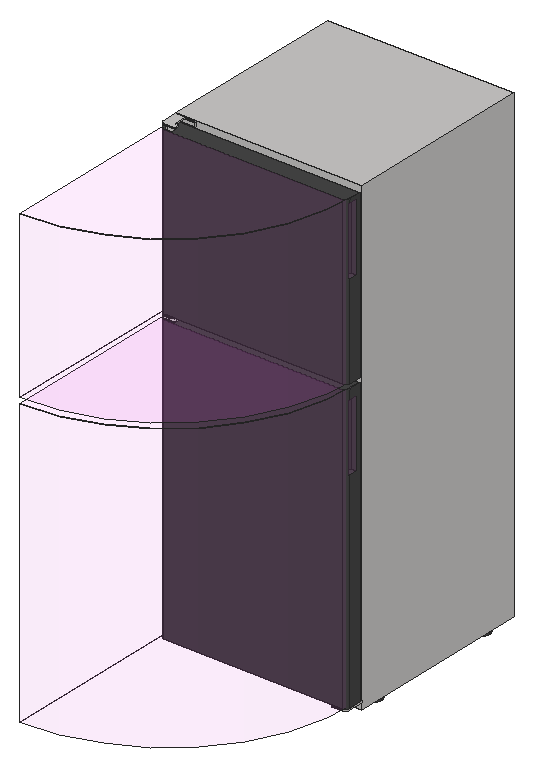
Revit family "QF_Summit_FF1087B_Frost_Free_Refrigerator_Freezer", category Specialty Equipment, Revit 2020
Family settings
  Round Connector Dimension = Use Diameter
  Part Type = Normal
  Work Plane-Based = No
  Always vertical = Yes
  Cut with Voids When Loaded = No
  Shared = No
  Room Calculation Point = No
Parameters
  Weight in Pounds = 117
  Watts = Volts * FL Amps  # 172.5 W
  Volts = 115 V
  URL Cutsheet = ""
  Specification by User = ""
  Specification by Manufacturer = ""
  Show RHD [instance] = not(Show LHD)  # yes
  Show LHD [instance] = no
  Show Clearance [instance] = yes
  Serial Number = ""
  Seismic Rating = ""
  SMACNA No = ""
  Revision Code = ""
  Refrigerant Volume = 0.00 kip
  Refrigerant Type = "R600a"
  Phase = 1
  Number of Poles = 1
  NAFEM Spec ID Number = ""
  Model = "FF1087B"
  Min Ckt Ampacity = 0 A
  Max Overcurrent Protection = 0 A
  Masterspec = ""
  Manufacturer = "Summit"
  Length = 23 1/4"
  Item Number = ""
  Installed By = ""
  Identify Quantity as Lot = yes
  Height = 59 5/8"
  HP = ""
  Furnished By = ""
  Foodservice Equipment Identifier = yes
  FL Amps = 1.5 A
  Electrical Remarks = ""
  Electric Connection Type = ""
  Elec Conn RI Height = 0"
  Elec Conn Connection Height = 0"
  Description = "Frost Free Refrigerator Freezer"
  Depth = 26 1/2"
  Default Elevation = 0"
  Cycle = 60 Hz
  Conn Plug = ""
  Conn Conduit = yes
  CSI MasterFormat = ""
  BTUH = 0.0 Btu/h
  Apparent Power = 0 VA
Reference planes (in)
  plane 1 "BACK": y = 0
  plane 2: z = 0
  plane 3 "LEFT": x = 0
  plane 4 "RIGHT": x = 23.25
  plane 5 "FRONT": y = -26.5
  plane 6 "TOP": z = 59.625
  plane 7 "Center Y": x = 11.625
  plane 8 "Center X": y = -13.25
Dimensions and locks (in)
  equal spacing: plane 3 "LEFT", plane 7 "Center Y", plane 4 "RIGHT"
  "Length": plane 3 "LEFT" to plane 4 "RIGHT"
  equal spacing: plane 5 "FRONT", plane 8 "Center X", plane 1 "BACK"
  "Depth": plane 5 "FRONT" to plane 1 "BACK"
  "Height": plane 6 "TOP" to level
  aligned and locked: level to plane 2
Nested families (in)
  nested 1: "FF1087B" at (0, 0, 0), Show Clearance <- "Show Clearance", Show LHD <- "Show LHD", Show RHD <- "Show RHD", type "FF1087B"
    with Show RHD yes, Show LHD no, Show Clearance yes
Connectors (in)
  electrical at (19.5385, 0.03125, 2.88959), driven by "Volts", driven by "Watts"
    settings: on nested 1, index 1, voltage 115 V, apparent load 172.5 VA, apparent load phase1 0 VA, apparent load phase2 0 VA, apparent load phase3 0 VA, power factor 1, load classification "Other", number of poles 1, system type 30, power factor state 1, is connector primary yes, connector utility no, sub classification motor no, connector description "ELECTRICAL CONNECTION"
Definition of nested family "FF1087B"
  Parameters (values of type "FF1087B")
    Weight in Pounds = 0
    URL Cutsheet = ""
    Specification by User = ""
    Specification by Manufacturer = ""
    Show RHD [instance] = yes
    Show LHD [instance] = yes
    Show Clearance [instance] = yes
    Serial Number = ""
    Seismic Rating = ""
    SMACNA No = ""
    Revision Code = ""
    NAFEM Spec ID Number = ""
    Masterspec = ""
    Length = 23 1/4"
    Item Number = ""
    Installed By = ""
    Identify Quantity as Lot = yes
    Height = 59 5/8"
    Furnished By = ""
    Foodservice Equipment Identifier = yes
    Depth = 26 1/2"
    Default Elevation = 0"
    CSI MasterFormat = ""
  Reference planes (in)
    plane 1 "BACK": y = 0
    plane 2: z = 0
    plane 3 "LEFT": x = 0
    plane 4 "RIGHT": x = 23.25
    plane 5 "FRONT": y = -26.5
    plane 6 "TOP": z = 59.625
    plane 7 "Center Y": x = 11.625
    plane 8 "Center X": y = -13.25
    plane 9: z = 1
    plane 10: y = -48
  Forms (in)
    Extrusion 1, solid
      sketch origin (-7.61333, -180, 1) x (-1, 0, 0) y (0, -1, 0)
        loop
          line (-7.61333, -180) -> (-7.61333, -156.375) -> (-30.86333, -156.375) -> (-30.86333, -180) -> (-7.61333, -180)
      from 0 to 58.625
    Extrusion 2, solid
      sketch origin (-7.61333, -180, 59) x (-1, 0, 0) y (0, -1, 0)
        loop
          line (-7.61333, -155.93028) -> (-7.61333, -154.39525)
          arc (-7.61333, -154.39525) -> (-7.74743, -154.05448) -> (-8.07781, -153.89651) r 0.5
          arc (-8.07781, -153.89651) -> (-19.23833, -153.49958) -> (-30.39885, -153.89651) r 157.10016
          arc (-30.39885, -153.89651) -> (-30.72922, -154.05448) -> (-30.86333, -154.39525) r 0.5
          line (-30.86333, -154.39525) -> (-30.86333, -155.93028) -> (-7.61333, -155.93028)
      from 0 to -20.625
    Extrusion 3, solid
      sketch origin (-7.61333, -180, 37.75) x (-1, 0, 0) y (0, -1, 0)
        loop
          line (-7.61333, -155.93028) -> (-7.61333, -154.39525)
          arc (-7.61333, -154.39525) -> (-7.74743, -154.05448) -> (-8.07781, -153.89651) r 0.5
          arc (-8.07781, -153.89651) -> (-19.23833, -153.49958) -> (-30.39885, -153.89651) r 157.10016
          arc (-30.39885, -153.89651) -> (-30.72922, -154.05448) -> (-30.86333, -154.39525) r 0.5
          line (-30.86333, -154.39525) -> (-30.86333, -155.93028) -> (-7.61333, -155.93028)
      from 0 to -35.75
    Extrusion 4, solid
      sketch origin (-7.61333, -180, 59) x (-1, 0, 0) y (0, -1, 0)
        loop
          line (-30.74672, -156.375) -> (-7.74209, -156.375) -> (-7.74209, -155.93028) -> (-30.74672, -155.93028) -> (-30.74672, -156.375)
      from -0.24547 to -20.26909
    Extrusion 5, solid
      sketch origin (-7.61333, -180, 37.75) x (-1, 0, 0) y (0, -1, 0)
        loop
          line (-30.74672, -156.375) -> (-7.74209, -156.375) -> (-7.74209, -155.93028) -> (-30.74672, -155.93028) -> (-30.74672, -156.375)
      from -0.38759 to -35.3814
    Extrusion 6, solid, visible <- "Show LHD"
      sketch origin (-7.61333, -180, 59.625) x (-1, 0, 0) y (0, -1, 0)
        loop
          line (-29.60685, -156.21332) -> (-29.60685, -154.96332) -> (-29.07652, -154.43299) -> (-29.07652, -153.89651) -> (-30.39885, -153.89651)
          arc (-30.39885, -153.89651) -> (-30.72922, -154.05448) -> (-30.86333, -154.39525) r 0.5
          line (-30.86333, -154.39525) -> (-30.86333, -156.375) -> (-28.35685, -156.375) -> (-28.35685, -156.21332) -> (-29.60685, -156.21332)
      from 0 to -0.11515
    Extrusion 7, solid, visible <- "Show LHD"
      sketch origin (-7.61333, -180, 59.50985) x (0, -1, 0) y (-1, 0, 0)
        loop
          circle (-154.55995, -30.08212) r 0.5
      from 0 to 0.50985
    Extrusion 8, solid, visible <- "Show LHD"
      sketch origin (24.24916, -23.625, 1) x (-1, 0, 0) y (0, 0, -1)
        loop
          line (3.50564, -58.50985) -> (3.50564, -58) -> (0.99916, -58) -> (0.99916, -58.50985) -> (3.50564, -58.50985)
      from 0 to 0.16168
    Extrusion 9, solid, visible <- "Show LHD"
      sketch origin (-7.61333, -180, 38.375) x (0, -1, 0) y (-1, 0, 0)
        loop
          line (-156.21332, -29.60685) -> (-156.21332, -28.35685) -> (-156.375, -28.35685) -> (-156.375, -30.86333) -> (-154.39525, -30.86333)
          arc (-154.39525, -30.86333) -> (-154.05448, -30.72922) -> (-153.89651, -30.39885) r 0.5
          line (-153.89651, -30.39885) -> (-153.89651, -29.07652) -> (-154.43299, -29.07652) -> (-154.96332, -29.60685) -> (-156.21332, -29.60685)
      from 0 to 0.11328
    Extrusion 10, solid, visible <- "Show LHD"
      sketch origin (24.24916, -23.625, -20.13485) x (-1, 0, 0) y (0, 0, -1)
        loop
          line (3.50564, -58.50985) -> (3.50564, -58.19538) -> (0.99916, -58.19538) -> (0.99916, -58.50985) -> (3.50564, -58.50985)
      from 0 to 0.16168
    Extrusion 11, solid, visible <- "Show LHD"
      sketch origin (-7.61333, -180, 38.26172) x (1, 0, 0) y (0, -1, 0)
        loop
          circle (30.08212, -154.55995) r 0.5
      from 0 to 0.20119
    Extrusion 12, solid, visible <- "Show LHD"
      sketch origin (-7.61333, -180, 37.87144) x (1, 0, 0) y (0, 1, 0)
        loop
          line (29.60685, 156.21332) -> (29.60685, 154.96332) -> (29.07652, 154.43299) -> (29.07652, 153.89651) -> (30.39885, 153.89651)
          arc (30.39885, 153.89651) -> (30.72922, 154.05448) -> (30.86333, 154.39525) r 0.5
          line (30.86333, 154.39525) -> (30.86333, 156.375) -> (28.35685, 156.375) -> (28.35685, 156.21332) -> (29.60685, 156.21332)
      from 0 to 0.11328
    Extrusion 13, solid, visible <- "Show LHD"
      sketch origin (24.24916, -23.625, 96.25985) x (-1, 0, 0) y (0, 0, -1)
        loop
          line (3.50564, 58.50985) -> (0.99916, 58.50985) -> (0.99916, 58.38841) -> (3.50564, 58.38841) -> (3.50564, 58.50985)
      from 0 to 0.16168
    Extrusion 14, solid, visible <- "Show LHD"
      sketch origin (-7.61333, -180, 37.98472) x (0, 1, 0) y (1, 0, 0)
        loop
          circle (154.55995, 30.08212) r 0.5
      from 0.11328 to 0.23472
    Extrusion 15, solid
      sketch origin (-7.61333, -180, 1.87856) x (0, -1, 0) y (-1, 0, 0)
        loop
          line (-156.21332, -29.60685) -> (-156.21332, -28.35685) -> (-156.375, -28.35685) -> (-156.375, -30.86333) -> (-154.39525, -30.86333)
          arc (-154.39525, -30.86333) -> (-154.05448, -30.72922) -> (-153.89651, -30.39885) r 0.5
          line (-153.89651, -30.39885) -> (-153.89651, -29.07652) -> (-154.43299, -29.07652) -> (-154.96332, -29.60685) -> (-156.21332, -29.60685)
      from 0 to 0.11328
    Extrusion 16, solid
      sketch origin (24.24916, -23.625, -56.50985) x (-1, 0, 0) y (0, 0, -1)
        loop
          line (3.50564, -58.50985) -> (3.50564, -58.38841) -> (0.99916, -58.38841) -> (0.99916, -58.50985) -> (3.50564, -58.50985)
      from 0 to 0.16168
    Extrusion 17, solid
      sketch origin (-7.61333, -180, 1.87856) x (0, -1, 0) y (1, 0, 0)
        loop
          circle (-154.55995, 30.08212) r 0.5
      from 0 to 0.12144
    Extrusion 18, solid
      sketch origin (0, 0, 0) x (1, 0, 0) y (0, 0, 1)
        loop
          circle (19.5385, 2.88959) r 0.25
      from 0 to -0.03125
    Extrusion 19, solid, visible <- "Show LHD"
      sketch origin (-7.61333, -180, 59) x (-1, 0, 0) y (0, -1, 0)
        loop
          arc (-7.61333, -155.93028) -> (-14.17783, -139.0485) -> (-30.86333, -132) r 23.25
          line (-30.86333, -132) -> (-30.86333, -155.93028) -> (-7.61333, -155.93028)
      from 0 to -20.625
    Extrusion 20, solid, visible <- "Show LHD"
      sketch origin (-7.61333, -180, 37.75) x (-1, 0, 0) y (0, -1, 0)
        loop
          arc (-7.62328, -155.93028) -> (-14.18431, -139.05207) -> (-30.86333, -132) r 23.25
          line (-30.86333, -132) -> (-30.86333, -155.93028) -> (-7.62328, -155.93028)
      from 0 to -35.75
    Extrusion 21, void
      sketch origin (0, 0, 0) x (0, 1, 0) y (0, 0, 1)
        loop
          line (-24.51783, 58.58233) -> (-25.76783, 58.58233) -> (-25.76783, 50.08233) -> (-24.51783, 50.08233) -> (-24.51783, 58.58233)
        loop
          line (-24.51783, 36.58233) -> (-25.76783, 36.58233) -> (-25.76783, 28.08233) -> (-24.51783, 28.08233) -> (-24.51783, 36.58233)
      from 0 to 0.6986
    Revolve 22, solid
      sketch origin (-240, -19.625, 7.84354) x (0, 0, 1) y (-1, 0, 0)
        loop
          line (-6.84354, -241.5) -> (-7.84354, -241.5) -> (-7.84354, -242.25) -> (-6.84354, -242.25) -> (-6.84354, -241.5)
        axis (-7.84354, -241.5) -> (-6.84354, -241.5)
      angle from 0 to 360
    Revolve 23, solid
      sketch origin (-240, -19.625, 7.84354) x (0, 0, 1) y (-1, 0, 0)
        loop
          line (-6.84354, -261.75) -> (-6.84354, -261) -> (-7.84354, -261) -> (-7.84354, -261.75) -> (-6.84354, -261.75)
        axis (-7.84354, -261.75) -> (-6.84354, -261.75)
      angle from 0 to 360
    Revolve 24, solid
      sketch origin (-240, -2.75, 7.84354) x (0, 0, 1) y (1, 0, 0)
        loop
          line (-6.84354, 241.5) -> (-6.84354, 242.25) -> (-7.84354, 242.25) -> (-7.84354, 241.5) -> (-6.84354, 241.5)
        axis (-7.84354, 241.5) -> (-6.84354, 241.5)
      angle from 0 to 360
    Revolve 25, solid
      sketch origin (-240, -2.75, 7.84354) x (0, 0, 1) y (1, 0, 0)
        loop
          line (-6.84354, 261.75) -> (-7.84354, 261.75) -> (-7.84354, 261) -> (-6.84354, 261) -> (-6.84354, 261.75)
        axis (-7.84354, 261.75) -> (-6.84354, 261.75)
      angle from 0 to 360
    Extrusion 26, solid, visible <- "Show RHD"
      sketch origin (30.86333, -180, 59) x (1, 0, 0) y (0, 1, 0)
        loop
          line (-7.61333, 155.93028) -> (-30.86333, 155.93028) -> (-30.86333, 132)
          arc (-30.86333, 132) -> (-14.17783, 139.0485) -> (-7.61333, 155.93028) r 23.25
      from 0 to -20.625
    Extrusion 27, solid, visible <- "Show RHD"
      sketch origin (30.86333, -180, 37.75) x (1, 0, 0) y (0, 1, 0)
        loop
          line (-7.62328, 155.93028) -> (-30.86333, 155.93028) -> (-30.86333, 132)
          arc (-30.86333, 132) -> (-14.18431, 139.05207) -> (-7.62328, 155.93028) r 23.25
      from 0 to -35.75
    Extrusion 28, solid, visible <- "Show RHD"
      sketch origin (30.86333, -180, 59.625) x (1, 0, 0) y (0, 1, 0)
        loop
          line (-29.60685, 156.21332) -> (-28.35685, 156.21332) -> (-28.35685, 156.375) -> (-30.86333, 156.375) -> (-30.86333, 154.39525)
          arc (-30.86333, 154.39525) -> (-30.72922, 154.05448) -> (-30.39885, 153.89651) r 0.5
          line (-30.39885, 153.89651) -> (-29.07652, 153.89651) -> (-29.07652, 154.43299) -> (-29.60685, 154.96332) -> (-29.60685, 156.21332)
      from 0 to -0.11515
    Extrusion 29, solid, visible <- "Show RHD"
      sketch origin (30.86333, -180, 59.50985) x (0, 1, 0) y (1, 0, 0)
        loop
          circle (154.55995, -30.08212) r 0.5
      from 0 to 0.50985
    Extrusion 30, solid, visible <- "Show RHD"
      sketch origin (-0.99916, -23.625, 1) x (1, 0, 0) y (0, 0, 1)
        loop
          line (3.50564, 58.50985) -> (0.99916, 58.50985) -> (0.99916, 58) -> (3.50564, 58) -> (3.50564, 58.50985)
      from 0 to 0.16168
    Extrusion 31, solid, visible <- "Show RHD"
      sketch origin (30.86333, -180, 38.375) x (0, 1, 0) y (1, 0, 0)
        loop
          line (156.21332, -29.60685) -> (154.96332, -29.60685) -> (154.43299, -29.07652) -> (153.89651, -29.07652) -> (153.89651, -30.39885)
          arc (153.89651, -30.39885) -> (154.05448, -30.72922) -> (154.39525, -30.86333) r 0.5
          line (154.39525, -30.86333) -> (156.375, -30.86333) -> (156.375, -28.35685) -> (156.21332, -28.35685) -> (156.21332, -29.60685)
      from 0 to 0.11328
    Extrusion 32, solid, visible <- "Show RHD"
      sketch origin (-0.99916, -23.625, -20.13485) x (1, 0, 0) y (0, 0, 1)
        loop
          line (3.50564, 58.50985) -> (0.99916, 58.50985) -> (0.99916, 58.19538) -> (3.50564, 58.19538) -> (3.50564, 58.50985)
      from 0 to 0.16168
    Extrusion 33, solid, visible <- "Show RHD"
      sketch origin (30.86333, -180, 38.26172) x (-1, 0, 0) y (0, 1, 0)
        loop
          circle (30.08212, 154.55995) r 0.5
      from 0 to 0.20119
    Extrusion 34, solid, visible <- "Show RHD"
      sketch origin (30.86333, -180, 37.87144) x (-1, 0, 0) y (0, -1, 0)
        loop
          line (29.60685, -156.21332) -> (28.35685, -156.21332) -> (28.35685, -156.375) -> (30.86333, -156.375) -> (30.86333, -154.39525)
          arc (30.86333, -154.39525) -> (30.72922, -154.05448) -> (30.39885, -153.89651) r 0.5
          line (30.39885, -153.89651) -> (29.07652, -153.89651) -> (29.07652, -154.43299) -> (29.60685, -154.96332) -> (29.60685, -156.21332)
      from 0 to 0.11328
    Extrusion 35, solid, visible <- "Show RHD"
      sketch origin (-0.99916, -23.625, 96.25985) x (1, 0, 0) y (0, 0, 1)
        loop
          line (3.50564, -58.50985) -> (3.50564, -58.38841) -> (0.99916, -58.38841) -> (0.99916, -58.50985) -> (3.50564, -58.50985)
      from 0 to 0.16168
    Extrusion 36, solid, visible <- "Show RHD"
      sketch origin (30.86333, -180, 37.98472) x (0, -1, 0) y (-1, 0, 0)
        loop
          circle (-154.55995, 30.08212) r 0.5
      from 0.11328 to 0.23472
    Extrusion 37, void
      sketch origin (23.25, 0, 0) x (0, 1, 0) y (0, 0, -1)
        loop
          line (-24.51783, -58.58233) -> (-24.51783, -50.08233) -> (-25.76783, -50.08233) -> (-25.76783, -58.58233) -> (-24.51783, -58.58233)
        loop
          line (-24.51783, -36.58233) -> (-24.51783, -28.08233) -> (-25.76783, -28.08233) -> (-25.76783, -36.58233) -> (-24.51783, -36.58233)
      from 0 to 0.6986
  Cuts and joins
    joined: Extrusion 6, Extrusion 8
    joined: Extrusion 15, Extrusion 16
    joined: Extrusion 12, Extrusion 13
    joined: Extrusion 9, Extrusion 10
    Extrusion 21, Extrusion 37 cuts Extrusion 2
    Extrusion 21, Extrusion 37 cuts Extrusion 3
    Extrusion 37 cuts Extrusion 20
  Lines and regions (in)
    symbolic lines, visible <- "Show LHD"
      curve 1: line (23.25, -24.06972, 0) -> (2.81923, -35.86543, 0)
      curve 2: arc (0, -24.06972, 0) -> (0.62694, -30.15463, 0) -> (2.81923, -35.86543, 0) r 23.25
      curve 7: line (20.74352, -23.625, 0) -> (20.74352, -23.78668, 0)
      curve 8: line (20.74352, -23.78668, 0) -> (23.25, -23.78668, 0)
      curve 9: line (21.99352, -23.78668, 0) -> (21.99352, -25.03668, 0)
      curve 10: line (21.99352, -25.03668, 0) -> (21.46319, -25.56701, 0)
      curve 11: line (21.46319, -25.56701, 0) -> (21.46319, -26.10349, 0)
      curve 12: line (21.46319, -26.10349, 0) -> (22.78552, -26.10349, 0)
    symbolic lines
      curve 3: line (0, 0, 0) -> (0, -23.625, 0)
      curve 4: line (0, -23.625, 0) -> (23.25, -23.625, 0)
      curve 5: line (23.25, -25.60475, 0) -> (23.25, 0, 0)
      curve 6: line (23.25, 0, 0) -> (0, 0, 0)
      curve 13: arc (22.78552, -26.10349, 0) -> (23.1159, -25.94552, 0) -> (23.25, -25.60475, 0) r 0.5
      curve 14: line (0.12876, -23.625, 0) -> (0.12876, -24.06972, 0)
      curve 15: line (21.99352, -24.06972, 0) -> (0, -24.06972, 0)
      curve 16: line (0, -24.06972, 0) -> (0, -25.60475, 0)
      curve 17: arc (0, -25.60475, 0) -> (0.1341, -25.94552, 0) -> (0.46448, -26.10349, 0) r 0.5
      curve 18: arc (0.46448, -26.10349, 0) -> (11.625, -26.50042, 0) -> (22.78552, -26.10349, 0) r 157.10016
    symbolic lines, visible <- "Show RHD"
      curve 19: line (0, -24.06972, 0) -> (20.43077, -35.86543, 0)
      curve 20: arc (23.25, -24.06972, 0) -> (22.62306, -30.15463, 0) -> (20.43077, -35.86543, 0) r 23.25
      curve 21: line (1.25648, -23.78668, 0) -> (1.25648, -25.03668, 0)
      curve 22: line (1.25648, -25.03668, 0) -> (1.78681, -25.56701, 0)
      curve 23: line (1.78681, -25.56701, 0) -> (1.78681, -26.10349, 0)
      curve 24: line (1.78681, -26.10349, 0) -> (0.46448, -26.10349, 0)
      curve 25: line (2.50648, -23.625, 0) -> (2.50648, -23.78668, 0)
      curve 26: line (2.50648, -23.78668, 0) -> (0, -23.78668, 0)
  Dimensions and locks (in)
    equal spacing: plane 3 "LEFT", plane 7 "Center Y", plane 4 "RIGHT"
    "Length": plane 3 "LEFT" to plane 4 "RIGHT"
    equal spacing: plane 5 "FRONT", plane 8 "Center X", plane 1 "BACK"
    "Depth": plane 5 "FRONT" to plane 1 "BACK"
    "Height": plane 6 "TOP" to level
    plane 1 "BACK" to plane 10 = 48"
    aligned and locked: level to plane 2
  Automatic sketch dimensions
    curve 26 to plane 3 "LEFT" = 0"
    curve 15 to plane 3 "LEFT" = 0"
    plane 1 "BACK" to curve 3 = 0"
    curve 3 to plane 3 "LEFT" = 0"
    curve 18 to plane 7 "Center Y" = 0"
    curve 20 to plane 4 "RIGHT" = 0"
    plane 3 "LEFT" to curve 20 = 0.00995"
    plane 3 "LEFT" to curve 24 = 0.46448"
    curve 17 to curve 17 = 0.03552"
    curve 17 to curve 21 = 0.75648"
    curve 21 to curve 23 = 0.53033"
    curve 21 to curve 25 = 1 1/4"  (x2)
    plane 3 "LEFT" to curve 1 = 2.81923"
    plane 4 "RIGHT" to curve 19 = 2.81923"
    plane 4 "RIGHT" to curve 8 = 2.50648"
    curve 11 to plane 5 "FRONT" = 0.39651"
    plane 4 "RIGHT" to curve 11 = 1.78681"
    curve 10 to curve 10 = 0.53033"
    plane 4 "RIGHT" to curve 13 = 1/2"
    plane 4 "RIGHT" to curve 2 = 0.00995"
    plane 5 "FRONT" to curve 19 = 9.36543"
    plane 5 "FRONT" to curve 1 = 9.36543"
    curve 11 to curve 11 = 0.53648"
    curve 23 to curve 23 = 0.53648"
    curve 10 to curve 9 = 0.53033"
    curve 22 to curve 21 = 0.53033"
    curve 16 to curve 20 = 0.85475"
    curve 2 to curve 20 = 0.68028"
    curve 15 to curve 8 = 0.28304"
    curve 26 to curve 3 = 0.16168"
    curve 15 to curve 14 = 0.12876"
    curve 1 to curve 20 = 0"
    plane 1 "BACK" to Extrusion 1 sketch curve = 0"
    Extrusion 1 sketch curve to plane 4 "RIGHT" = 0"
    Extrusion 1 sketch curve to plane 3 "LEFT" = 0"
    Extrusion 1 sketch curve to plane 5 "FRONT" = 2 7/8"
    Extrusion 2 sketch curve to plane 4 "RIGHT" = 0"
    Extrusion 2 sketch curve to plane 7 "Center Y" = 0"
    Extrusion 2 sketch curve to plane 3 "LEFT" = 0"
    plane 4 "RIGHT" to Extrusion 2 sketch curve = 1/2"
    Extrusion 2 sketch curve to Extrusion 2 sketch curve = 1/2"
    Extrusion 2 sketch curve to plane 1 "BACK" = 130.59974"
    Extrusion 2 sketch curve to plane 5 "FRONT" = 2.43028"
    Extrusion 2 sketch curve to plane 5 "FRONT" = 0.89525"  (x2)
    Extrusion 2 sketch curve to Extrusion 2 sketch curve = 0"
    Extrusion 3 sketch curve to plane 4 "RIGHT" = 0"
    Extrusion 3 sketch curve to plane 7 "Center Y" = 0"
    Extrusion 3 sketch curve to plane 3 "LEFT" = 0"
    plane 4 "RIGHT" to Extrusion 3 sketch curve = 1/2"
    Extrusion 3 sketch curve to Extrusion 3 sketch curve = 1/2"
    Extrusion 3 sketch curve to plane 1 "BACK" = 130.59974"
    Extrusion 3 sketch curve to plane 5 "FRONT" = 2.43028"
    Extrusion 3 sketch curve to plane 5 "FRONT" = 0.89525"  (x2)
    Extrusion 3 sketch curve to Extrusion 3 sketch curve = 0"
    Extrusion 4 sketch curve to Extrusion 2 = 0"
    Extrusion 4 sketch curve to Extrusion 2 = 0.11661"
    Extrusion 4 sketch curve to Extrusion 2 = 0.12876"
    Extrusion 2 to Extrusion 4 sketch curve = 0.44472"
    plane 4 "RIGHT" to Extrusion 5 sketch curve = 0.11661"
    plane 3 "LEFT" to Extrusion 5 sketch curve = 0.12876"
    Extrusion 5 sketch curve to plane 5 "FRONT" = 2 7/8"
    Extrusion 5 sketch curve to Extrusion 5 sketch curve = 0.44472"
    Extrusion 6 sketch curve to Extrusion 1 = 0"
    Extrusion 1 to Extrusion 6 sketch curve = 0"
    Extrusion 6 sketch curve to Extrusion 1 = 0.46448"
    Extrusion 6 sketch curve to Extrusion 6 sketch curve = 1/2"
    Extrusion 6 sketch curve to Extrusion 6 sketch curve = 0.75648"
    Extrusion 6 sketch curve to Extrusion 6 sketch curve = 0.53033"  (x2)
    Extrusion 6 sketch curve to Extrusion 6 sketch curve = 1 1/4"  (x2)
    Extrusion 1 to Extrusion 6 sketch curve = 0.16168"
    Extrusion 6 sketch curve to Extrusion 6 sketch curve = 0.56807"
    Extrusion 6 to Extrusion 7 sketch curve = 0.66344"
    Extrusion 6 to Extrusion 7 sketch curve = 0.47527"
    Extrusion 8 sketch curve to Extrusion 1 = 0"
    Extrusion 1 to Extrusion 8 sketch curve = 5/8"
    Extrusion 8 sketch curve to Extrusion 8 sketch curve = 2.50648"
    Extrusion 1 to Extrusion 8 sketch curve = 0.11515"
    Extrusion 9 sketch curve to Extrusion 9 sketch curve = 0.03774"
    Extrusion 9 sketch curve to Extrusion 9 sketch curve = 0.53033"  (x2)
    Extrusion 9 sketch curve to Extrusion 2 = 0.28304"
    Extrusion 9 sketch curve to Extrusion 2 = 0.44472"
    Extrusion 9 sketch curve to Extrusion 9 sketch curve = 0.53648"
    Extrusion 2 to Extrusion 9 sketch curve = 1.25648"
    Extrusion 9 sketch curve to Extrusion 9 sketch curve = 1 1/4"
    Extrusion 10 sketch curve to Extrusion 1 = 0"
    Extrusion 10 sketch curve to Extrusion 10 sketch curve = 2.50648"
    Extrusion 1 to Extrusion 10 sketch curve = 21 1/4"
    Extrusion 10 sketch curve to Extrusion 10 sketch curve = 0.31447"
    Extrusion 9 to Extrusion 11 sketch curve = 0.47527"
    Extrusion 9 to Extrusion 11 sketch curve = 0.66344"
    Extrusion 12 sketch curve to plane 4 "RIGHT" = 0"
    plane 4 "RIGHT" to Extrusion 12 sketch curve = 0.46448"
    plane 4 "RIGHT" to Extrusion 12 sketch curve = 1/2"
    plane 4 "RIGHT" to Extrusion 12 sketch curve = 1.25648"
    Extrusion 12 sketch curve to plane 5 "FRONT" = 0.39651"
    Extrusion 12 sketch curve to Extrusion 12 sketch curve = 0.53033"  (x2)
    Extrusion 12 sketch curve to Extrusion 12 sketch curve = 1 1/4"  (x2)
    Extrusion 12 sketch curve to Extrusion 12 sketch curve = 0.53648"
    Extrusion 12 sketch curve to Extrusion 12 sketch curve = 0.16168"
    Extrusion 13 sketch curve to Extrusion 1 = 0"
    Extrusion 13 sketch curve to Extrusion 13 sketch curve = 2.50648"
    Extrusion 1 to Extrusion 13 sketch curve = 21.75356"
    Extrusion 13 sketch curve to Extrusion 13 sketch curve = 0.12144"
    Extrusion 14 sketch curve to Extrusion 12 = 0.66344"
    Extrusion 14 sketch curve to Extrusion 12 = 0.47527"
    Extrusion 15 sketch curve to plane 4 "RIGHT" = 0"
    Extrusion 15 sketch curve to plane 5 "FRONT" = 2 7/8"
    Extrusion 15 sketch curve to Extrusion 15 sketch curve = 0.16168"
    Extrusion 15 sketch curve to Extrusion 15 sketch curve = 1 1/4"  (x2)
    Extrusion 15 sketch curve to Extrusion 15 sketch curve = 0.53033"  (x2)
    plane 4 "RIGHT" to Extrusion 15 sketch curve = 1/2"
    Extrusion 15 sketch curve to plane 5 "FRONT" = 0.89525"
    Extrusion 15 sketch curve to plane 5 "FRONT" = 0.39651"
    plane 4 "RIGHT" to Extrusion 15 sketch curve = 1.25648"
    Extrusion 16 sketch curve to Extrusion 1 = 0"
    Extrusion 1 to Extrusion 16 sketch curve = 0.87856"
    Extrusion 16 sketch curve to Extrusion 16 sketch curve = 2.50648"
    Extrusion 16 sketch curve to Extrusion 16 sketch curve = 0.12144"
    Extrusion 17 sketch curve to Extrusion 15 = 0.66344"
    Extrusion 17 sketch curve to Extrusion 15 = 0.47527"
    plane 4 "RIGHT" to Extrusion 18 sketch curve = 3.7115"
    plane 9 to Extrusion 18 sketch curve = 1.88959"
    Extrusion 19 sketch curve to Extrusion 2 = 0"  (x3)
    Extrusion 19 sketch curve to Extrusion 2 = 0.00995"
    Extrusion 19 sketch curve to Extrusion 2 = 0.68028"
    Extrusion 20 sketch curve to Extrusion 3 = 0"  (x2)
    Extrusion 20 sketch curve to Extrusion 3 = 0.00995"
    Extrusion 20 sketch curve to Extrusion 3 = 0.68028"
    Extrusion 21 sketch curve to plane 5 "FRONT" = 0.73217"  (x2)
    Extrusion 21 sketch curve to Extrusion 21 sketch curve = 1 1/4"  (x2)
    plane 9 to Extrusion 21 sketch curve = 27.08233"
    Extrusion 21 sketch curve to Extrusion 21 sketch curve = 8 1/2"
    Extrusion 21 sketch curve to plane 6 "TOP" = 9.54267"
    Extrusion 21 sketch curve to plane 6 "TOP" = 1.04267"
    Revolve 22 sketch curve to level = 0"  (x2)
    Revolve 22 sketch curve to plane 9 = 0"
    plane 3 "LEFT" to Revolve 22 sketch curve = 2 1/4"
    Revolve 22 sketch curve to Revolve 22 sketch curve = 3/4"
    Revolve 22 sketch curve to Revolve 22 sketch curve = 0.37507"
    Revolve 22 sketch curve to Revolve 22 sketch curve = 0"
    Revolve 23 sketch curve to level = 0"  (x2)
    Revolve 23 sketch curve to plane 9 = 0"
    plane 4 "RIGHT" to Revolve 23 sketch curve = 1 1/2"
    Revolve 23 sketch curve to Revolve 23 sketch curve = 3/4"
    Revolve 23 sketch curve to Revolve 23 sketch curve = 0.37507"
    Revolve 23 sketch curve to Revolve 23 sketch curve = 0"
    Revolve 24 sketch curve to level = 0"  (x2)
    Revolve 24 sketch curve to plane 9 = 0"
    plane 3 "LEFT" to Revolve 24 sketch curve = 1 1/2"
    Revolve 24 sketch curve to Revolve 24 sketch curve = 3/4"
    Revolve 24 sketch curve to Revolve 24 sketch curve = 0.37507"
    Revolve 24 sketch curve to Revolve 24 sketch curve = 0"
    Revolve 25 sketch curve to level = 0"  (x2)
    Revolve 25 sketch curve to plane 9 = 0"
    plane 4 "RIGHT" to Revolve 25 sketch curve = 2 1/4"
    Revolve 25 sketch curve to Revolve 25 sketch curve = 3/4"
    Revolve 25 sketch curve to Revolve 25 sketch curve = 0.37507"
    Revolve 25 sketch curve to Revolve 25 sketch curve = 0"
    Extrusion 26 sketch curve to Extrusion 2 = 0"  (x3)
    Extrusion 26 sketch curve to Extrusion 2 = 0.00995"
    Extrusion 26 sketch curve to Extrusion 2 = 0.68028"
    Extrusion 27 sketch curve to Extrusion 3 = 0"  (x2)
    Extrusion 27 sketch curve to Extrusion 3 = 0.00995"
    Extrusion 27 sketch curve to Extrusion 3 = 0.68028"
    Extrusion 28 sketch curve to Extrusion 1 = 0"
    Extrusion 1 to Extrusion 28 sketch curve = 0"
    Extrusion 28 sketch curve to Extrusion 1 = 0.46448"
    Extrusion 28 sketch curve to Extrusion 1 = 1/2"
    Extrusion 28 sketch curve to Extrusion 28 sketch curve = 0.75648"
    Extrusion 28 sketch curve to Extrusion 28 sketch curve = 0.53033"  (x2)
    Extrusion 28 sketch curve to Extrusion 28 sketch curve = 1 1/4"  (x2)
    Extrusion 1 to Extrusion 28 sketch curve = 0.16168"
    Extrusion 28 sketch curve to Extrusion 28 sketch curve = 0.56807"
    Extrusion 28 to Extrusion 29 sketch curve = 0.66344"
    Extrusion 28 to Extrusion 29 sketch curve = 0.47527"
    Extrusion 30 sketch curve to Extrusion 1 = 0"
    Extrusion 1 to Extrusion 30 sketch curve = 5/8"
    Extrusion 1 to Extrusion 30 sketch curve = 2.50648"
    Extrusion 1 to Extrusion 30 sketch curve = 0.11515"
    Extrusion 31 sketch curve to Extrusion 31 sketch curve = 0.49874"
    Extrusion 31 sketch curve to Extrusion 31 sketch curve = 0.53648"
    Extrusion 31 sketch curve to Extrusion 31 sketch curve = 0.53033"  (x2)
    Extrusion 31 sketch curve to Extrusion 2 = 0.28304"
    Extrusion 31 sketch curve to Extrusion 2 = 0.44472"
    Extrusion 2 to Extrusion 31 sketch curve = 1.25648"
    Extrusion 31 sketch curve to Extrusion 31 sketch curve = 1 1/4"
    Extrusion 32 sketch curve to Extrusion 1 = 0"
    Extrusion 1 to Extrusion 32 sketch curve = 2.50648"
    Extrusion 1 to Extrusion 32 sketch curve = 21.56447"
    Extrusion 32 sketch curve to Extrusion 32 sketch curve = 0.31447"
    Extrusion 31 to Extrusion 33 sketch curve = 0.47527"
    Extrusion 31 to Extrusion 33 sketch curve = 0.66344"
    Extrusion 34 sketch curve to plane 3 "LEFT" = 0"
    plane 3 "LEFT" to Extrusion 34 sketch curve = 0.46448"
    plane 3 "LEFT" to Extrusion 34 sketch curve = 1/2"
    plane 3 "LEFT" to Extrusion 34 sketch curve = 1.25648"
    Extrusion 34 sketch curve to plane 5 "FRONT" = 0.39651"
    Extrusion 34 sketch curve to Extrusion 34 sketch curve = 0.53033"  (x2)
    Extrusion 34 sketch curve to Extrusion 34 sketch curve = 1 1/4"  (x2)
    Extrusion 34 sketch curve to Extrusion 34 sketch curve = 0.53648"
    Extrusion 34 sketch curve to Extrusion 34 sketch curve = 0.16168"
    Extrusion 35 sketch curve to Extrusion 1 = 0"
    Extrusion 1 to Extrusion 35 sketch curve = 2.50648"
    Extrusion 1 to Extrusion 35 sketch curve = 21 7/8"
    Extrusion 35 sketch curve to Extrusion 35 sketch curve = 0.12144"
    Extrusion 36 sketch curve to Extrusion 34 = 0.66344"
    Extrusion 36 sketch curve to Extrusion 34 = 0.47527"
    Extrusion 37 sketch curve to plane 5 "FRONT" = 0.73217"  (x2)
    Extrusion 37 sketch curve to Extrusion 37 sketch curve = 1 1/4"  (x2)
    Extrusion 37 sketch curve to plane 6 "TOP" = 1.04267"
    Extrusion 37 sketch curve to Extrusion 37 sketch curve = 8 1/2"  (x2)
    Extrusion 37 sketch curve to Extrusion 37 sketch curve = 13 1/2"
    radius of Extrusion 7 sketch curve = 1/2"
    radius of Extrusion 9 sketch curve to Extrusion 2 = 0"
    radius of Extrusion 11 sketch curve = 1/2"
    radius of Extrusion 14 sketch curve = 1/2"
    radius of Extrusion 17 sketch curve = 1/2"
    radius of Extrusion 18 sketch curve = 1/4"
    radius of Extrusion 29 sketch curve = 1/2"
    radius of Extrusion 31 sketch curve to Extrusion 2 = 0"
    radius of Extrusion 33 sketch curve = 1/2"
    radius of Extrusion 36 sketch curve = 1/2"
